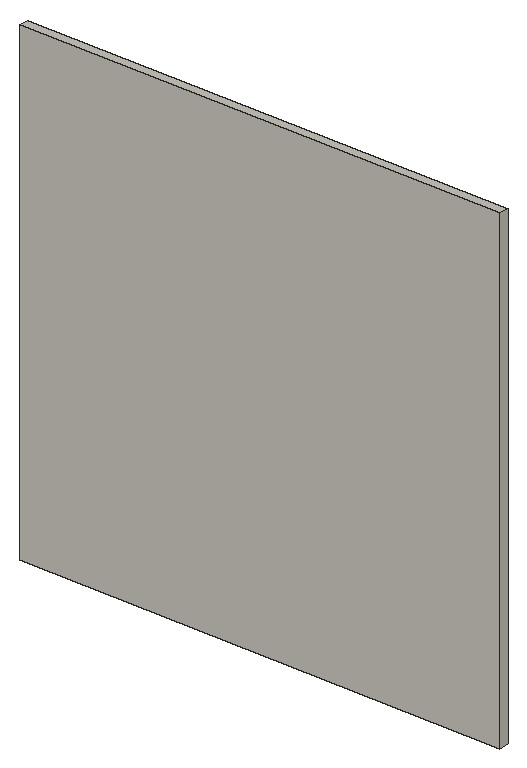
Revit family "PISO PARED HEXAGONO HIERBABUENA MULTI CD_266131791", category Modelos genéricos, Revit 2024
Family settings
  Puede alojar armadura = No
  Cota de conector redondo = Usar diámetro
  Tipo de pieza = Normal
  Se basa en plano de trabajo = No
  Siempre vertical = Sí
  Corte con vacíos al cargar = No
  Mantener orientación de anotación = No
  Compartido = No
  Punto de cálculo de habitación = No
Parameters
  Elevación por defecto = 0 mm
Reference planes
  plane 1 "Center (Front/Back)": y = 0
  plane 2: z = 0
  plane 3 "Center (Left/Right)": x = 0
Forms (mm)
  Extrusion 1, solid, material "Analytical Panels"
    sketch origin (0, 0, 0) x (1, 0, 0) y (0, 1, 0)
      loop
        line (-1366.384, -136.448) -> (-1366.384, -194.576) -> (1633.616, -194.576) -> (1633.616, -136.448) -> (-1366.384, -136.448)
    from 0 to 3000
Dimensions and locks
  Extrusion 1 sketch curve to Extrusion 1 sketch curve = 58.128 mm
  Extrusion 1 to Extrusion 1 = 3000 mm  (x2)
  aligned and locked: level to plane 2
